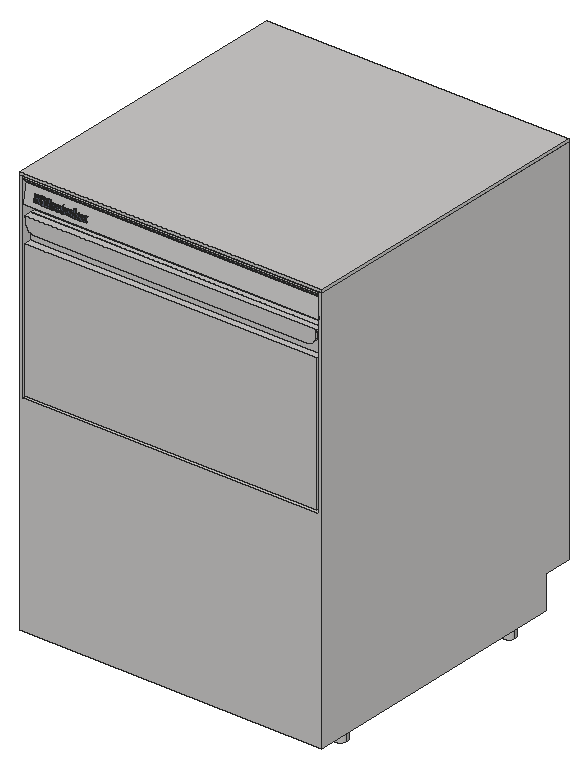
Revit family "QF_ELECTROLUXPROFESSIONAL_520001_EUC40G3", category Specialty Equipment, Revit 2018
Family settings
  Round Connector Dimension = Use Diameter
  Part Type = Normal
  Work Plane-Based = No
  Always vertical = Yes
  Cut with Voids When Loaded = No
  Shared = No
  Room Calculation Point = No
Parameters
  Weight = 0.00 kg
  Watts = 0 W
  Volts = 400 V
  URL Manufacturer = "http://professional.electrolux.com/"
  URL = "http://professional.electrolux.com/"
  Steam Supply Size = 0 mm
  Steam Supply Minimum Pressure = 0.0 Pa
  Steam Supply Maximum Pressure = 0.0 Pa
  Steam Pounds per Hour = 0
  Show Logo [instance] = yes
  Show Clearance [instance] = yes
  Refrigeration Suction Line Size = 0 mm
  Refrigeration Liquid Line Size = 0 mm
  Refrigerant Compressor Remote = yes
  Manufacturer = "Electrolux"
  Phase = 0
  Model = "EUC40G3"
  Length Actual = 600 mm  # constant formula
  Item Number = "520001"
  Hot Water Size = 0 mm
  Height Actual = 820 mm  # constant formula
  HP = "6.8 HP"
  Gas Size = 0 mm
  Gas KW = 0
  Gas Input Pressure = 0 W
  Direct Waste Size = 22 mm
  Description = "UC DW+DOUBLE S+DRAIN P+DET DISP,3C,40R/H,400V"
  Depth Actual = 612 mm  # constant formula
  Cycle = 50 Hz
  Condensate Return Size = 0 mm
  Compressed Air Volume = 0.0 L/s
  Compressed Air Size = 0 mm
  Compressed Air Pressure = 0.0 Pa
  Cold Water Size = 0 mm
  Accessory = yes
Reference planes
  plane 1 "Center (Front/Back)": y = 0
  plane 2: z = 0
  plane 3 "Center (Left/Right)": x = 0
  plane 4 "LEFT": x = -299
  plane 5 "RIGHT": x = 299
  plane 6 "FRONT": y = -306
  plane 7 "BACK": y = 306
  plane 8: x = -281
  plane 9: x = 281
  plane 10: z = 830
  plane 11: z = 20
  plane 12: y = -281
Forms (mm)
  Extrusion 1, solid, material "QF_Finishes_Stainless Steel"
    sketch origin (0, 0, 0) x (1, 0, 0) y (0, 1, 0)
      loop
        line (-299, -306) -> (299, -306) -> (299, 249) -> (-299, 249) -> (-299, -306)
    from 20 to 830
  Extrusion 2, solid, material "QF_Finishes_Stainless Steel"
    sketch origin (0, 0, 0) x (1, 0, 0) y (0, 1, 0)
      loop
        line (-299, 249) -> (299, 249) -> (299, 306) -> (-299, 306) -> (-299, 249)
    from 86 to 830
  Extrusion 3, solid, material "QF_Finishes_Stainless Steel"
    sketch origin (0, 0, 0) x (1, 0, 0) y (0, 1, 0)
      loop
        circle (-281, 181) r 12.5
      loop
        circle (281, 181) r 12.5
      loop
        circle (-281, -236) r 12.5
      loop
        circle (281, -236) r 12.5
    from 0 to 20
  Extrusion 4, void
    sketch origin (-299, -306, 0) x (-1, 0, 0) y (0, 0, 1)
      loop
        line (-5, 830) -> (-593, 830) -> (-593, 434.506) -> (-5, 434.506) -> (-5, 830)
    from 0 to 30
  Extrusion 5, solid, material "QF_Finishes_Stainless Steel"
    sketch origin (-288, -392, 738) x (0, 0, -1) y (1, 0, 0)
      loop
        circle (688, 94) r 10
    from -641 to -698
  Extrusion 6, solid, material "QF_Door-Drawer Clearances", visible <- "Show Clearance", detail levels coarse
    sketch origin (-230, -282.5, 0) x (0, 1, 0) y (0, 0, -1)
      loop
        line (-23.5, -440) -> (-343.5, -440)
        arc (-343.5, -440) -> (-249.774, -666.274) -> (-23.5, -760) r 320
        line (-23.5, -760) -> (-23.5, -440)
    from 60 to -520
  Extrusion 7, solid, material "QF_Finishes_Stainless Steel"
    sketch origin (-242.481, -392, 738) x (0, 0, -1) y (1, 0, 0)
      loop
        circle (688, 236.481) r 8
    from -641 to -698
  Extrusion 8, solid, material "QF_Finishes_Stainless Steel"
    sketch origin (-230, -282.5, 0) x (0, 1, 0) y (0, 0, -1)
      loop
        line (-23.5, -440) -> (-23.5, -710) -> (-8.5, -710) -> (-8.5, -760) -> (1.5, -760) -> (1.5, -440) -> (-23.5, -440)
    from 60 to -520
  Extrusion 9, solid, material "QF_Finishes_Stainless Steel"
    sketch origin (-230, -282.5, -55) x (0, 1, 0) y (0, 0, -1)
      loop
        line (-8.5, -815) -> (-8.5, -812.514) -> (-21, -812.514) -> (-21, -786.25) -> (-23.5, -786.25) -> (-23.5, -815) -> (-8.5, -815)
    from 60 to -520
  Extrusion 10, void
    sketch origin (-230, -306, 760) x (0, 0, 1) y (1, 0, 0)
      loop
        line (-2.486, -60) -> (-2.486, -58.393) -> (-15.552, -58.393)
        arc (-15.552, -58.393) -> (-25.109, -51.319) -> (-28.75, -40) r 19.416
        line (-28.75, -40) -> (-28.75, -60) -> (-2.486, -60)
      loop
        line (-2.486, 520) -> (-28.75, 520) -> (-28.75, 500)
        arc (-28.75, 500) -> (-25.109, 511.319) -> (-15.552, 518.393) r 19.416
        line (-15.552, 518.393) -> (-2.486, 518.393) -> (-2.486, 520)
    from 0 to 2.5
  Extrusion 11, solid, material "QF_Finishes_Stainless Steel"
    sketch origin (0, 0, 0) x (1, 0, 0) y (0, 1, 0)
      loop
        line (-299, -306) -> (299, -306) -> (299, 306) -> (-299, 306) -> (-299, -306)
    from 835 to 830
  Extrusion 12, solid, material "QF_Finishes_Stainless Steel"
    sketch origin (-230, -282.5, 15) x (0, 1, 0) y (0, 0, -1)
      loop
        line (-15.517, -815) -> (6.5, -815) -> (6.5, -765.202) -> (-23.502, -765.202) -> (-16.651, -801.185)
        arc (-16.651, -801.185) -> (-16.709, -802.254) -> (-17.26, -803.171) r 2.216
        line (-17.26, -803.171) -> (-21.457, -807.367)
        arc (-21.457, -807.367) -> (-22.158, -809.293) -> (-21.133, -811.068) r 2.424
        line (-21.133, -811.068) -> (-15.517, -815)
    from -524 to 64
  Extrusion 13, solid, material "QF_Finishes_Stainless Steel"
    sketch origin (-372.481, -392, 738) x (0, 0, -1) y (1, 0, 0)
      loop
        circle (668, 282.481) r 8
    from -641 to -698
Cuts and joins
  Extrusion 4 cuts Extrusion 1
  joined: Extrusion 1, Extrusion 2
  Extrusion 10 cuts Extrusion 6
  Extrusion 10 cuts Extrusion 8
  Extrusion 10 cuts Extrusion 9
Lines and regions (mm)
  Split face 1
    outline origin (-230, -299.151, 816.185) x (0, -0.187035, -0.982353) y (1, 0, 0)
      loop
        line (12.473, -49) -> (24.129, -49)
        arc (24.129, -49) -> (31.2, -46.071) -> (34.129, -39) r 10
        line (34.129, -39) -> (34.129, 499)
        arc (34.129, 499) -> (31.2, 506.071) -> (24.129, 509) r 10
        line (24.129, 509) -> (12.473, 509)
        arc (12.473, 509) -> (5.402, 506.071) -> (2.473, 499) r 10
        line (2.473, 499) -> (2.473, -39)
        arc (2.473, -39) -> (5.402, -46.071) -> (12.473, -49) r 10
  Split face 2
    outline origin (-230, -299.151, 816.185) x (0, -0.187035, -0.982353) y (1, 0, 0)
      loop
        line (9.973, 81.452) -> (29.129, 81.452) -> (29.129, 104.231) -> (9.973, 104.231) -> (9.973, 81.452)
  Split face 3
    outline origin (-200, -299.151, 816.185) x (0, -0.187035, -0.982353) y (1, 0, 0)
      loop
        line (9.973, 81.452) -> (29.129, 81.452) -> (29.129, 104.231) -> (9.973, 104.231) -> (9.973, 81.452)
  Split face 4
    outline origin (-170, -299.151, 816.185) x (0, -0.187035, -0.982353) y (1, 0, 0)
      loop
        line (9.973, 81.452) -> (29.129, 81.452) -> (29.129, 104.231) -> (9.973, 104.231) -> (9.973, 81.452)
  Split face 5
    outline origin (-45, -299.151, 816.185) x (0, -0.187035, -0.982353) y (1, 0, 0)
      loop
        line (9.973, 79.452) -> (29.129, 79.452) -> (29.129, 102.231) -> (9.973, 102.231) -> (9.973, 79.452)
  Split face 6
    outline origin (-15, -299.151, 816.185) x (0, -0.187035, -0.982353) y (1, 0, 0)
      loop
        line (9.973, 79.452) -> (29.129, 79.452) -> (29.129, 102.231) -> (9.973, 102.231) -> (9.973, 79.452)
  Split face 7
    outline origin (15, -299.151, 816.185) x (0, -0.187035, -0.982353) y (1, 0, 0)
      loop
        line (9.973, 79.452) -> (29.129, 79.452) -> (29.129, 102.231) -> (9.973, 102.231) -> (9.973, 79.452)
  Split face 8
    outline origin (-100, -299.151, 816.185) x (0, -0.187035, -0.982353) y (1, 0, 0)
      loop
        line (9.973, 63.952) -> (29.129, 63.952) -> (29.129, 106.731) -> (9.973, 106.731) -> (9.973, 63.952)
  symbolic lines
    curve 1: line (-299, 306, 0) -> (299, 306, 0)
    curve 2: line (-299, -306, 0) -> (-299, 306, 0)
    curve 3: line (299, -306, 0) -> (-299, -306, 0)
    curve 4: line (299, 306, 0) -> (299, -306, 0)
  symbolic lines, style "QF_Door-Drawer Clearances"
    curve 5: line (-290, -626, 0) -> (290, -626, 0)
    curve 6: line (290, -626, 0) -> (290, -306, 0)
    curve 7: line (-290, -626, 0) -> (-290, -306, 0)
Dimensions and locks
  equal spacing: plane 4 "LEFT", plane 3 "Center (Left/Right)", plane 5 "RIGHT"
  equal spacing: plane 7 "BACK", plane 1 "Center (Front/Back)", plane 6 "FRONT"
  plane 7 "BACK" to plane 6 "FRONT" = 612 mm  (x2)
  plane 4 "LEFT" to plane 5 "RIGHT" = 598 mm
  plane 4 "LEFT" to plane 8 = 18 mm
  plane 9 to plane 5 "RIGHT" = 18 mm
  locked: plane 11 to level at 20
  plane 4 "LEFT" to plane 3 "Center (Left/Right)" = 299 mm
  plane 10 to level = 830 mm
  plane 8 to plane 9 = 562 mm
  locked: plane 12 to plane 6 "FRONT" at 25
  plane 11 to Extrusion 7 sketch curve = 30 mm
  plane 5 "RIGHT" to Extrusion 7 sketch curve = 305 mm  (x2)
  plane 5 "RIGHT" to Extrusion 5 sketch curve = 493 mm
  plane 11 to Extrusion 5 sketch curve = 30 mm
  cut or joined group of Extrusion 1, Extrusion 2, Extrusion 4 to Extrusion 13 sketch curve = 389 mm
  plane 11 to Extrusion 13 sketch curve = 50 mm
  plane 7 "BACK" to Extrusion 3 sketch curve = 125 mm  (x2)
  Extrusion 3 sketch curve to plane 6 "FRONT" = 70 mm  (x2)
  Extrusion 5 sketch curve to plane 4 "LEFT" = 105 mm
  aligned and locked: level to plane 2
  aligned and locked: Extrusion 1 sketch curve to plane 6 "FRONT"
  aligned and locked: Extrusion 1 sketch curve to plane 4 "LEFT"
  aligned and locked: plane 5 "RIGHT" to Extrusion 1 sketch curve
  aligned and locked: Extrusion 1 to plane 11
  aligned and locked: Extrusion 2 sketch curve to Extrusion 1  (x2)
  aligned and locked: plane 7 "BACK" to Extrusion 2 sketch curve
  aligned and locked: plane 5 "RIGHT" to Extrusion 2 sketch curve
  aligned and locked: plane 11 to Extrusion 3
  aligned and locked: Extrusion 2 to Extrusion 5
  aligned and locked: Extrusion 2 to Extrusion 7
  aligned and locked: plane 7 "BACK" to Extrusion 7
  aligned and locked: plane 7 "BACK" to Extrusion 5
  aligned and locked: Extrusion 10 to cut or joined group of Extrusion 9, Extrusion 10
  aligned and locked: Extrusion 2 to Extrusion 1
  aligned and locked: Extrusion 11 sketch curve to cut or joined group of Extrusion 1, Extrusion 2, Extrusion 4  (x4)
  aligned and locked: plane 10 to Extrusion 11
  aligned and locked: Extrusion 1 to Extrusion 4
  aligned and locked: curve 5 to cut or joined group of Extrusion 6, Extrusion 10
Automatic sketch dimensions
  curve 3 to plane 4 "LEFT" = 0 mm
  curve 7 to plane 6 "FRONT" = 0 mm
  curve 3 to plane 5 "RIGHT" = 0 mm
  curve 2 to plane 7 "BACK" = 0 mm
  plane 4 "LEFT" to curve 5 = 9 mm
  curve 6 to plane 5 "RIGHT" = 9 mm
  Extrusion 3 sketch curve to plane 8 = 0 mm  (x2)
  Extrusion 3 sketch curve to plane 9 = 0 mm  (x2)
  Extrusion 4 sketch curve to Extrusion 1 = 0 mm
  Extrusion 4 sketch curve to Extrusion 1 = 5 mm  (x2)
  Extrusion 4 sketch curve to Extrusion 1 = 414.506 mm
  Extrusion 6 sketch curve to plane 6 "FRONT" = 0 mm
  Extrusion 6 sketch curve to Extrusion 6 sketch curve = 320 mm
  Extrusion 6 sketch curve to plane 10 = 70 mm
  Extrusion 8 sketch curve to plane 6 "FRONT" = 0 mm
  Extrusion 8 sketch curve to plane 12 = 0 mm
  Extrusion 8 sketch curve to Extrusion 8 sketch curve = 10 mm
  Extrusion 8 sketch curve to plane 10 = 70 mm
  Extrusion 8 sketch curve to Extrusion 8 sketch curve = 50 mm
  Extrusion 8 sketch curve to Extrusion 8 sketch curve = 270 mm
  Extrusion 9 sketch curve to plane 6 "FRONT" = 0 mm
  Extrusion 9 sketch curve to Extrusion 9 sketch curve = 2.5 mm
  Extrusion 9 sketch curve to plane 12 = 10 mm
  Extrusion 9 sketch curve to plane 10 = 70 mm
  Extrusion 9 sketch curve to Extrusion 9 sketch curve = 2.486 mm
  Extrusion 9 sketch curve to Extrusion 9 sketch curve = 26.264 mm
  Extrusion 10 sketch curve to Extrusion 9 = 0 mm  (x4)
  Extrusion 10 sketch curve to Extrusion 9 = 1.607 mm  (x2)
  Extrusion 10 sketch curve to Extrusion 9 = 13.198 mm  (x2)
  Extrusion 10 sketch curve to Extrusion 9 = 9.334 mm  (x2)
  Extrusion 10 sketch curve to Extrusion 9 = 2.486 mm  (x2)
  Split face 1 sketch curve to Extrusion 12 = 2.473 mm
  Split face 1 sketch curve to Extrusion 12 = 12.473 mm  (x2)
  Split face 1 sketch curve to Split face 1 sketch curve = 11.656 mm  (x2)
  Split face 1 sketch curve to Extrusion 12 = 15 mm
  Split face 1 sketch curve to Extrusion 12 = 25 mm
  Split face 2 sketch curve to Extrusion 12 = 9.973 mm
  Split face 2 sketch curve to Extrusion 12 = 145.452 mm
  Split face 2 sketch curve to Split face 2 sketch curve = 22.778 mm
  Split face 3 sketch curve to Extrusion 12 = 9.973 mm
  Split face 3 sketch curve to Extrusion 12 = 175.452 mm
  Split face 3 sketch curve to Split face 3 sketch curve = 22.778 mm
  Split face 4 sketch curve to Extrusion 12 = 9.973 mm
  Split face 4 sketch curve to Extrusion 12 = 205.452 mm
  Split face 4 sketch curve to Split face 4 sketch curve = 22.778 mm
  Split face 5 sketch curve to Extrusion 12 = 9.973 mm
  Split face 5 sketch curve to Extrusion 12 = 259.548 mm
  Split face 5 sketch curve to Split face 5 sketch curve = 22.778 mm
  Split face 6 sketch curve to Extrusion 12 = 9.973 mm
  Split face 6 sketch curve to Extrusion 12 = 229.548 mm
  Split face 6 sketch curve to Split face 6 sketch curve = 22.778 mm
  Split face 7 sketch curve to Extrusion 12 = 9.973 mm
  Split face 7 sketch curve to Extrusion 12 = 199.548 mm
  Split face 7 sketch curve to Split face 7 sketch curve = 22.778 mm
  Split face 8 sketch curve to Extrusion 12 = 9.973 mm
  Split face 8 sketch curve to Extrusion 12 = 257.952 mm
  Split face 8 sketch curve to Split face 8 sketch curve = 42.778 mm
  Extrusion 1 sketch curve to plane 7 "BACK" = 57 mm
  Extrusion 3 sketch curve to plane 7 "BACK" = 125 mm
  Extrusion 12 sketch curve to plane 10 = 0 mm
  plane 6 "FRONT" to Extrusion 12 sketch curve = 2.043 mm
  plane 6 "FRONT" to Extrusion 12 sketch curve = 2.367 mm
  Extrusion 12 sketch curve to Extrusion 12 sketch curve = 1.567 mm  (x2)
  Extrusion 12 sketch curve to Extrusion 12 sketch curve = 0.609 mm
  Extrusion 12 sketch curve to Extrusion 12 sketch curve = 5.616 mm
  plane 12 to Extrusion 12 sketch curve = 5 mm
  Extrusion 12 sketch curve to plane 10 = 3.932 mm
  Extrusion 12 sketch curve to Extrusion 12 sketch curve = 35.982 mm
  Extrusion 12 sketch curve to plane 6 "FRONT" = 0.002 mm
  Extrusion 12 sketch curve to Extrusion 12 sketch curve = 1.714 mm
  Extrusion 12 sketch curve to Extrusion 12 sketch curve = 1.986 mm
  Extrusion 12 sketch curve to Extrusion 12 sketch curve = 4.196 mm
  plane 6 "FRONT" to Extrusion 12 sketch curve = 4.673 mm
  Split face 1 sketch curve to Extrusion 12 = 2.5 mm
  Split face 2 sketch curve to Extrusion 12 = 7.5 mm
  Split face 3 sketch curve to Extrusion 12 = 7.5 mm
  Split face 4 sketch curve to Extrusion 12 = 7.5 mm
  Split face 5 sketch curve to Extrusion 12 = 7.5 mm
  Split face 6 sketch curve to Extrusion 12 = 7.5 mm
  Split face 7 sketch curve to Extrusion 12 = 7.5 mm
  Split face 8 sketch curve to Extrusion 12 = 7.5 mm
  radius of Extrusion 3 sketch curve = 12.5 mm  (x4)
  radius of Extrusion 5 sketch curve = 10 mm
  radius of Extrusion 7 sketch curve = 8 mm
  radius of Extrusion 13 sketch curve = 8 mm
Nested families
  nested 1: "ELX_Logo_S" at (-220, -302.854, 796.736) x (1, 0, 0) z (0, -0.9824, 0.187), visible <- "Show Logo", type "ELX_Logo_S"
Connectors
  piping at (-194, 306, 50), diameter 20
    settings: on Extrusion 5, index 1, connector inside diameter 609.6 mm, connector length 0 mm, flow factor 0, pipe flow 0.0 L/s, pressure drop 0.0 Pa, fitting loss kfactor 0, connector angle 0.00°, fixture units 0, engagement length 0 mm, angle of deflection 0.00°, flow configuration 1, flow direction 2, fitting loss method 0, system type 16, joint type 0, gender type 0, connector reference index -1, connector utility 0, adjustable connector no, is connector primary yes, connector description "Drain"
  piping at (-6, 306, 50), driven by "Hot Water Size"
    settings: on Extrusion 7, index 3, connector diameter 0 mm, connector inside diameter 609.6 mm, connector length 0 mm, flow factor 0, pipe flow 0.0 L/s, pressure drop 0.0 Pa, fitting loss kfactor 0, connector angle 0.00°, fixture units 0, engagement length 0 mm, angle of deflection 0.00°, flow configuration 1, flow direction 1, fitting loss method 0, system type 19, joint type 0, gender type 0, connector reference index -1, connector utility 0, adjustable connector no, is connector primary no, connector description "Hot Water Inlet"
  electrical at (-90, 306, 70), driven by "Volts"
    settings: on Extrusion 13, index 4, voltage 400 V, apparent load 0 VA, apparent load phase1 0 VA, apparent load phase2 0 VA, apparent load phase3 0 VA, power factor 1, load classification "Altro", number of poles 1, system type 30, power factor state 1, is connector primary yes, connector utility no, sub classification motor no, connector description "Electrical Connection"
Definition of nested family "ELX_Logo_S"
  Parameters
    Default Elevation = 0 mm
  Reference planes
    plane 1 "Centro (Fronte/Retro)": y = 0
    plane 2: z = 0
    plane 3 "Centro (Sinistra/Destra)": x = 0
  Forms (mm)
    Extrusion 1, solid
      sketch origin (0, 0, 0) x (1, 0, 0) y (0, 1, 0)
        loop
          line (-1219.2, 1219.2) -> (-1219.2, -1219.2) -> (1219.2, -1219.2) -> (1219.2, 1219.2) -> (-1219.2, 1219.2)
      from 0 to -304.8
    Extrusion 2, solid
      sketch origin (0, 0, 0) x (1, 0, 0) y (0, 1, 0)
        loop
          line (-43.793, 5.912) -> (-43.793, -6.455)
          arc (-43.793, -6.455) -> (-39.222, -0.272) -> (-43.793, 5.912) r 6.467
        loop
          arc (-44.422, 5.912) -> (-49.565, 4.743) -> (-52.043, 0.087) r 6.338
          line (-52.043, 0.087) -> (-49.997, 0.087)
          arc (-49.997, 0.087) -> (-46.342, 1.57) -> (-44.422, 5.016) r 5.941
          line (-44.422, 5.016) -> (-44.422, 5.912)
        loop
          arc (-44.422, -5.559) -> (-46.342, -2.114) -> (-49.997, -0.63) r 5.941
          line (-49.997, -0.63) -> (-52.043, -0.63)
          arc (-52.043, -0.63) -> (-49.569, -5.324) -> (-44.422, -6.614) r 6.504
          line (-44.422, -6.614) -> (-44.422, -5.559)
        loop
          line (-52.512, 6.586) -> (-52.512, -7.158) -> (-38.749, -7.158) -> (-38.749, 6.586) -> (-52.512, 6.586)
        loop
          arc (-35.782, 6.67) -> (-36.139, 6.322) -> (-35.801, 5.955) r 0.358
          arc (-35.801, 5.955) -> (-35.051, 5.641) -> (-34.666, 4.924) r 1.216
          line (-34.666, 4.924) -> (-34.666, -5.488)
          arc (-34.666, -5.488) -> (-34.944, -6.148) -> (-35.54, -6.544) r 1.238
          arc (-35.54, -6.544) -> (-35.791, -6.939) -> (-35.437, -7.244) r 0.358
          line (-35.437, -7.244) -> (-25.558, -7.244) -> (-25.558, -4.494) -> (-26.455, -4.494)
          arc (-26.455, -4.494) -> (-27.035, -5.403) -> (-28.012, -5.858) r 1.928
          line (-28.012, -5.858) -> (-30.511, -5.858)
          arc (-30.511, -5.858) -> (-31.24, -5.583) -> (-31.604, -4.894) r 1.101
          line (-31.604, -4.894) -> (-31.604, -0.808) -> (-27.931, -0.808)
          arc (-27.931, -0.808) -> (-27.434, -1.16) -> (-27.206, -1.725) r 1.083
          arc (-27.206, -1.725) -> (-26.9, -1.989) -> (-26.622, -1.697) r 0.292
          line (-26.622, -1.697) -> (-26.622, 1.265)
          arc (-26.622, 1.265) -> (-26.895, 1.568) -> (-27.225, 1.329) r 0.305
          arc (-27.225, 1.329) -> (-27.473, 0.839) -> (-27.931, 0.534) r 1.083
          line (-27.931, 0.534) -> (-31.604, 0.534) -> (-31.604, 5.211) -> (-27.857, 5.211)
          arc (-27.857, 5.211) -> (-27.101, 4.997) -> (-26.603, 4.39) r 1.314
          arc (-26.603, 4.39) -> (-26.199, 4.171) -> (-25.907, 4.526) r 0.361
          line (-25.907, 4.526) -> (-25.907, 6.67) -> (-35.782, 6.67)
        loop
          arc (-25.126, 5.953) -> (-24.207, 5.572) -> (-23.827, 4.654) r 1.299
          line (-23.827, 4.654) -> (-23.827, -4.925)
          arc (-23.827, -4.925) -> (-24.205, -5.763) -> (-25.083, -6.035) r 1.118
          line (-25.083, -6.035) -> (-25.083, -7.244) -> (-19.733, -7.244) -> (-19.733, -6.056)
          arc (-19.733, -6.056) -> (-20.65, -5.784) -> (-21.046, -4.914) r 1.153
          line (-21.046, -4.914) -> (-21.046, 7.158) -> (-25.126, 5.953)
        loop
          line (-17.097, -2.28) -> (-10.65, -2.28) -> (-10.65, -1.481)
          arc (-10.65, -1.481) -> (-11.634, 1.1) -> (-14.088, 2.369) r 3.874
          line (-14.088, 2.369) -> (-15.848, 2.369)
          arc (-15.848, 2.369) -> (-18.713, 1.182) -> (-19.899, -1.682) r 4.051
          line (-19.899, -1.682) -> (-19.899, -3.691)
          arc (-19.899, -3.691) -> (-18.414, -6.509) -> (-15.407, -7.561) r 4.352
          arc (-15.407, -7.561) -> (-12.944, -7.196) -> (-10.87, -5.819) r 5.713
          line (-10.87, -5.819) -> (-10.87, -4.87)
          arc (-10.87, -4.87) -> (-12.439, -5.603) -> (-14.157, -5.819) r 5.579
          arc (-14.157, -5.819) -> (-16.12, -5.025) -> (-17.097, -3.146) r 3.057
          line (-17.097, -3.146) -> (-17.097, -2.28)
        loop
          line (-17.097, -1.02) -> (-13.515, -1.02)
          arc (-13.515, -1.02) -> (-13.468, 0.436) -> (-14.627, 1.319) r 1.59
          line (-14.627, 1.319) -> (-15.457, 1.319)
          arc (-15.457, 1.319) -> (-16.712, 0.455) -> (-17.097, -1.02) r 2.184
        loop
          arc (-1.232, 1.771) -> (-2.906, 2.259) -> (-4.643, 2.417) r 9.023
          line (-4.643, 2.417) -> (-6.005, 2.417)
          arc (-6.005, 2.417) -> (-8.805, 1.257) -> (-9.965, -1.542) r 3.959
          line (-9.965, -1.542) -> (-9.965, -4.142)
          arc (-9.965, -4.142) -> (-8.672, -6.424) -> (-6.299, -7.541) r 4.331
          line (-6.299, -7.541) -> (-4.164, -7.541)
          arc (-4.164, -7.541) -> (-2.614, -7.033) -> (-1.268, -6.112) r 5.772
          arc (-1.268, -6.112) -> (-1.217, -5.35) -> (-1.976, -5.263) r 0.553
          arc (-1.976, -5.263) -> (-2.71, -5.651) -> (-3.529, -5.785) r 2.573
          line (-3.529, -5.785) -> (-5.044, -5.785)
          arc (-5.044, -5.785) -> (-6.686, -4.779) -> (-7.328, -2.965) r 2.884
          line (-7.328, -2.965) -> (-7.328, -1.686)
          arc (-7.328, -1.686) -> (-6.768, 0.135) -> (-5.103, 1.062) r 2.554
          line (-5.103, 1.062) -> (-4.05, 1.062)
          arc (-4.05, 1.062) -> (-3.122, 0.73) -> (-2.387, 0.073) r 2.564
          arc (-2.387, 0.073) -> (-1.67, -0.148) -> (-1.232, 0.461) r 0.643
          line (-1.232, 0.461) -> (-1.232, 1.771)
        loop
          line (-0.962, 0.752) -> (0.539, 0.752) -> (0.539, -5.296)
          arc (0.539, -5.296) -> (1.197, -6.884) -> (2.785, -7.541) r 2.246
          line (2.785, -7.541) -> (4.369, -7.541)
          arc (4.369, -7.541) -> (5.233, -7.228) -> (6.005, -6.727) r 4.06
          arc (6.005, -6.727) -> (6.138, -5.995) -> (5.437, -5.743) r 0.576
          arc (5.437, -5.743) -> (4.911, -5.849) -> (4.379, -5.785) r 1.69
          arc (4.379, -5.785) -> (3.591, -5.244) -> (3.288, -4.337) r 1.506
          line (3.288, -4.337) -> (3.288, 0.801) -> (5.685, 0.801) -> (6.241, 1.357) -> (6.241, 2.179) -> (3.382, 2.179) -> (3.382, 5.41) -> (-0.962, 0.752)
        loop
          line (7.139, -7.324) -> (12.526, -7.324) -> (12.526, -6.214)
          arc (12.526, -6.214) -> (11.575, -5.82) -> (11.181, -4.869) r 1.345
          line (11.181, -4.869) -> (11.181, -1.253)
          arc (11.181, -1.253) -> (11.773, -0.488) -> (12.695, -0.199) r 1.615
          line (12.695, -0.199) -> (14.251, -0.199) -> (14.936, 2.357) -> (13.553, 2.357) -> (10.994, 0.414) -> (10.994, 2.295) -> (8.288, 2.01)
          arc (8.288, 2.01) -> (7.758, 1.571) -> (7.959, 0.912) r 0.621
          arc (7.959, 0.912) -> (8.301, 0.512) -> (8.484, 0.018) r 1.501
          line (8.484, 0.018) -> (8.484, -4.869)
          arc (8.484, -4.869) -> (8.09, -5.82) -> (7.139, -6.214) r 1.345
          line (7.139, -6.214) -> (7.139, -7.324)
        loop
          line (14.473, -1.222) -> (14.473, -3.914)
          arc (14.473, -3.914) -> (15.781, -6.36) -> (18.311, -7.494) r 4.288
          arc (18.311, -7.494) -> (19.692, -7.557) -> (21.072, -7.494) r 15.022
          arc (21.072, -7.494) -> (23.603, -6.36) -> (24.91, -3.914) r 4.288
          line (24.91, -3.914) -> (24.91, -1.222)
          arc (24.91, -1.222) -> (23.603, 1.223) -> (21.072, 2.357) r 4.288
          arc (21.072, 2.357) -> (19.692, 2.421) -> (18.311, 2.357) r 15.022
          arc (18.311, 2.357) -> (15.781, 1.223) -> (14.473, -1.222) r 4.288
        loop
          line (17.587, -1.017) -> (17.587, -4.119)
          arc (17.587, -4.119) -> (19.744, -6.276) -> (21.901, -4.119) r 2.157
          line (21.901, -4.119) -> (21.901, -1.017)
          arc (21.901, -1.017) -> (19.744, 1.14) -> (17.587, -1.017) r 2.157
        loop
          arc (24.768, 5.964) -> (25.662, 5.593) -> (26.033, 4.699) r 1.264
          line (26.033, 4.699) -> (26.033, -5.165)
          arc (26.033, -5.165) -> (25.636, -6.035) -> (24.72, -6.307) r 1.153
          line (24.72, -6.307) -> (24.72, -7.244) -> (29.828, -7.244) -> (29.828, -6.316)
          arc (29.828, -6.316) -> (29.056, -5.957) -> (28.741, -5.165) r 1.153
          line (28.741, -5.165) -> (28.741, 7.158) -> (24.768, 5.964)
        loop
          arc (29.365, 1.084) -> (30.43, 0.885) -> (30.912, -0.085) r 1.215
          line (30.912, -0.085) -> (30.912, -5.105)
          arc (30.912, -5.105) -> (31.559, -6.719) -> (33.142, -7.44) r 2.338
          line (33.142, -7.44) -> (34.657, -7.44)
          arc (34.657, -7.44) -> (35.661, -7.266) -> (36.547, -6.763) r 2.979
          line (36.547, -6.763) -> (38.344, -7.244) -> (40.032, -7.244) -> (40.032, 2.181) -> (35.829, 1.887) -> (35.829, 1.101)
          arc (35.829, 1.101) -> (36.665, 0.745) -> (37.174, -0.007) r 1.605
          line (37.174, -0.007) -> (37.174, -5.11)
          arc (37.174, -5.11) -> (36.237, -5.531) -> (35.213, -5.603) r 2.94
          arc (35.213, -5.603) -> (34.112, -5.042) -> (33.669, -3.889) r 1.724
          line (33.669, -3.889) -> (33.669, 2.307) -> (29.365, 1.084)
        loop
          line (40.886, 2.112) -> (42.932, 0.44) -> (45.238, -2.734) -> (42.126, -6.191)
          arc (42.126, -6.191) -> (41.732, -6.428) -> (41.273, -6.405) r 0.789
          line (41.273, -6.405) -> (41.273, -7.244) -> (44.818, -7.244) -> (44.818, -6.418)
          arc (44.818, -6.418) -> (44.456, -6.076) -> (44.548, -5.586) r 0.52
          line (44.548, -5.586) -> (46.019, -3.786) -> (47.394, -5.904)
          arc (47.394, -5.904) -> (47.084, -6.305) -> (46.585, -6.392) r 0.7
          line (46.585, -6.392) -> (46.585, -7.244) -> (52.512, -7.244) -> (52.512, -6.358)
          arc (52.512, -6.358) -> (51.853, -6.291) -> (51.322, -5.896) r 1.247
          line (51.322, -5.896) -> (48.041, -1.696) -> (50.094, 0.751) -> (51.836, 2.112) -> (48.112, 2.112) -> (48.535, 0.627) -> (47.258, -0.895) -> (46.068, 0.806) -> (46.844, 2.112) -> (40.886, 2.112)
      from 0 to 1.644
  Dimensions and locks
    aligned and locked: plane 2 to Extrusion 1
    aligned and locked: level to Extrusion 1
